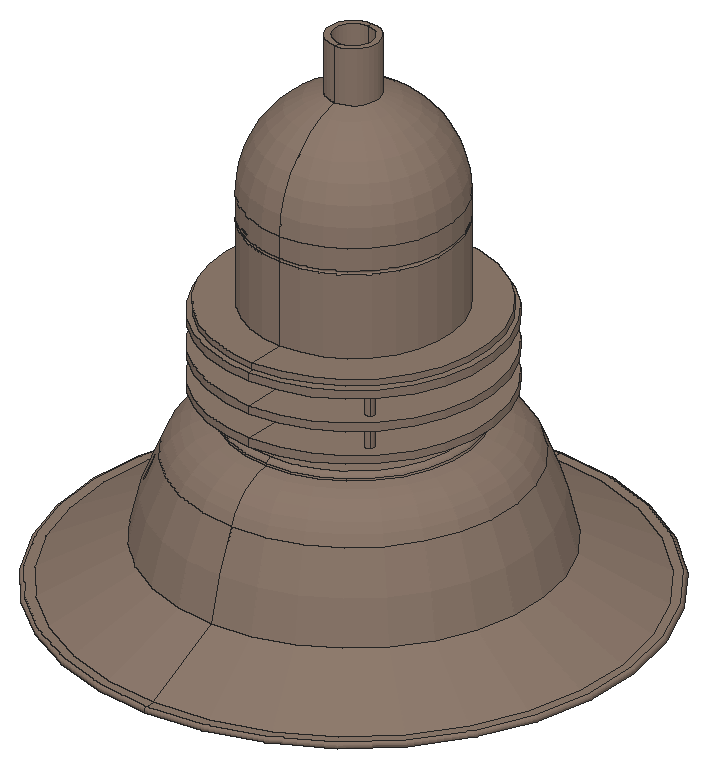
Revit family "BVB2407", category Generic Models, Revit 2014
Parameters
  GLASS = Glass
  FINS = Bronze, Architectural
  DETAIL = Bronze, Architectural
  BELL = Bronze, Architectural
Reference planes (in)
  plane 1 "Center (Front/Back)": y = 0
  plane 2: z = 0
  plane 3 "Center (Left/Right)": x = 0
Forms (in)
  Revolve 1, solid, material "Bronze, Architectural" <- "BELL"
    sketch origin (0, 0, 0) x (0, -1, 0) y (0, 0, 1)
      loop
        line (-1.0625, 22.67044) -> (-1.0625, 20.3569) -> (-0.8125, 20.3569) -> (-0.8125, 22.67044) -> (-1.0625, 22.67044)
      axis (0, 22.67044) -> (0, 20.3569)
    angle from 0 to 360
  Revolve 2, solid, material "Bronze, Architectural" <- "BELL"
    sketch origin (0, 0, 0) x (0, -1, 0) y (0, 0, 1)
      loop
        arc (-1.0625, 20.3569) -> (-3.35872, 18.84485) -> (-4.2483, 16.2434) r 4.24857
        line (-4.2483, 16.2434) -> (-4.2483, 15.30637)
        arc (-4.2483, 15.30637) -> (-4.20974, 15.2439) -> (-4.2483, 15.18142) r 0.06989
        line (-4.2483, 15.18142) -> (-4.2483, 11.7453) -> (-5.81017, 11.7453) -> (-5.81017, 11.4954) -> (-3.65455, 11.4954) -> (-3.65455, 11.7453) -> (-4.15455, 11.7453) -> (-4.15455, 15.13839)
        arc (-4.15455, 15.13839) -> (-4.11599, 15.2439) -> (-4.15455, 15.34941) r 0.16364
        line (-4.15455, 15.34941) -> (-4.15455, 16.2434)
        arc (-4.15455, 16.2434) -> (-3.28822, 18.78276) -> (-1.05052, 20.26315) r 4.15482
        line (-1.05052, 20.26315) -> (-0.3125, 20.26315) -> (-0.3125, 20.3569) -> (-1.0625, 20.3569)
      axis (0, 20.3569) -> (0, 11.4954)
    angle from 0 to 360
  Revolve 3, solid, material "Glass" <- "GLASS"
    sketch origin (0, 0, 0) x (0, -1, 0) y (0, 0, 1)
      loop
        line (-4.02651, 7.37205) -> (-3.90151, 7.37205) -> (-3.90151, 11.4954) -> (-4.02651, 11.4954) -> (-4.02651, 7.37205)
      axis (0, 11.4954) -> (0, 7.37205)
    angle from 0 to 360
  Revolve 4, solid, material "Bronze, Architectural" <- "BELL"
    sketch origin (0, 0, 0) x (0, -1, 0) y (0, 0, 1)
      loop
        arc (-4.73761, 7.37205) -> (-4.88745, 7.32215) -> (-4.97744, 7.19236) r 0.2499
        line (-4.97744, 7.19236) -> (-4.998, 7.12215)
        arc (-4.998, 7.12215) -> (-6.21816, 6.58144) -> (-6.9972, 5.4978) r 2.54618
        arc (-6.9972, 5.4978) -> (-7.68199, 3.78788) -> (-8.12175, 1.9992) r 13.18233
        line (-8.12175, 1.9992) -> (-11.46921, 0.2499) -> (-11.87025, 0.2499)
        arc (-11.87025, 0.2499) -> (-11.9952, 0.12495) -> (-11.87025, 0) r 0.12495
        line (-11.87025, 0) -> (-11.745, 0) -> (-8.03717, 1.93762)
        arc (-8.03717, 1.93762) -> (-7.59913, 3.73924) -> (-6.91091, 5.4609) r 13.08858
        arc (-6.91091, 5.4609) -> (-6.13759, 6.52591) -> (-4.92502, 7.03776) r 2.45243
        line (-4.92502, 7.03776) -> (-4.88747, 7.16602)
        arc (-4.88747, 7.16602) -> (-4.83124, 7.24712) -> (-4.73761, 7.2783) r 0.15615
        line (-4.73761, 7.2783) -> (-3.23761, 7.2783) -> (-3.23761, 7.37205) -> (-4.73761, 7.37205)
      axis (0, 7.37205) -> (0, 0)
    angle from 0 to 360
  Revolve 5, solid, material "Bronze, Architectural" <- "FINS"
    sketch origin (0, 0, 0) x (0, -1, 0) y (0, 0, 1)
      loop
        line (-4.02593, 11.40169) -> (-5.9976, 11.40169) -> (-5.9976, 11.05807) -> (-4.02593, 11.05807) -> (-4.02593, 11.40169)
      loop
        line (-4.02593, 10.05847) -> (-5.9976, 10.05847) -> (-5.9976, 9.71486) -> (-4.02593, 9.71486) -> (-4.02593, 10.05847)
      loop
        line (-4.02593, 8.71526) -> (-5.9976, 8.71526) -> (-5.9976, 8.37165) -> (-4.02593, 8.37165) -> (-4.02593, 8.71526)
      axis (0, 11.40169) -> (0, 8.37165)
    angle from 0 to 360
  Revolve 6, solid, material "Bronze, Architectural" <- "DETAIL"
    sketch origin (0, 5.2784, 0) x (0, -1, 0) y (0, 0, 1)
      loop
        line (-0.18742, 11.05807) -> (-0.18742, 8.71526) -> (0, 8.71526) -> (0, 11.05807) -> (-0.18742, 11.05807)
      axis (0, 11.05807) -> (0, 8.71526)
    angle from 0 to 360
  Revolve 7, solid, material "Bronze, Architectural" <- "DETAIL"
    sketch origin (3.73239, -3.73239, 0) x (-0.707107, 0.707107, 0) y (0, 0, 1)
      loop
        line (-0.18742, 11.05807) -> (-0.18742, 8.71526) -> (0, 8.71526) -> (0, 11.05807) -> (-0.18742, 11.05807)
      axis (0, 11.05807) -> (0, 8.71526)
    angle from 0 to 360
  Revolve 8, solid, material "Bronze, Architectural" <- "DETAIL"
    sketch origin (-3.73239, -3.73239, 0) x (0.707107, 0.707107, 0) y (0, 0, 1)
      loop
        line (-0.18742, 11.05807) -> (-0.18742, 8.71526) -> (0, 8.71526) -> (0, 11.05807) -> (-0.18742, 11.05807)
      axis (0, 11.05807) -> (0, 8.71526)
    angle from 0 to 360
Dimensions and locks (in)
  aligned and locked: plane 2 to level
